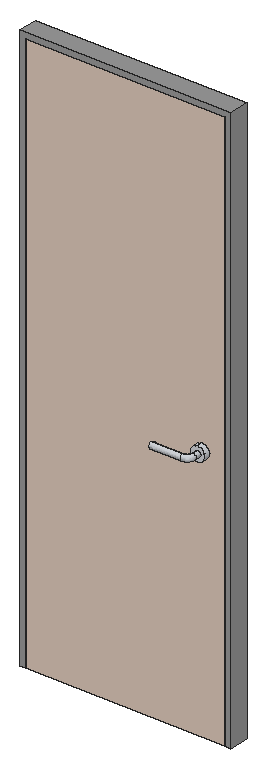
Revit family "- Solida Square", category Doors, host Wall, Revit 2018
Family settings
  Host = Wall
  OmniClass Number = 23.30.10.00
  OmniClass Title = Doors
  Always vertical = Yes
  Cut with Voids When Loaded = No
  Shared = No
  Room Calculation Point = No
Parameters (values of type "- 70 x 200 cm")
  Set de Marcos = ""
  Relleno = ""
  Material Marco = - Perfil Aluminio
  Material Hoja = - Solida
  Manilla = - Manilla
  Hojas = "Simple de Abatir"
  Function = Interior
  Frame Projection Ext. = 2.50 cm
  Frame Projection Int. = 2.50 cm
  Frame Width = 7.50 cm
  Height = 200.00 cm
  Wall Closure = By host
  Width = 74.00 cm
  Distancia a Cara Interior = 6.00 cm
  Bisagras = ""
  Ancho Hoja = Width - 4.00 cm  # 70.00 cm
  Ancho = Width  # 74.00 cm
  Analytic Construction = "<None>"
  Alto = Height  # 200.00 cm
Types (12, lengths in cm): name | Height | Width | Ancho Hoja | Ancho | Alto
  - 70 x 200 cm | 200.00 | 74.00 | 70.00 | 74.00 | 200.00
  - 75 x 200 cm | 200.00 | 79.00 | 75.00 | 79.00 | 200.00
  - 80 x 200 cm | 200.00 | 84.00 | 80.00 | 84.00 | 200.00
  - 85 x 200 cm | 200.00 | 89.00 | 85.00 | 89.00 | 200.00
  - 90 x 200 cm | 200.00 | 94.00 | 90.00 | 94.00 | 200.00
  -100 x 200 cm | 200.00 | 104.00 | 100.00 | 104.00 | 200.00
  - 70 x 210 cm | 210.00 | 74.00 | 70.00 | 74.00 | 210.00
  - 75 x 210 cm | 210.00 | 79.00 | 75.00 | 79.00 | 210.00
  - 80 x 210 cm | 210.00 | 84.00 | 80.00 | 84.00 | 210.00
  - 85 x 210 cm | 210.00 | 89.00 | 85.00 | 89.00 | 210.00
  - 90 x 210 cm | 210.00 | 94.00 | 90.00 | 94.00 | 210.00
  - 100 x 210 cm | 210.00 | 104.00 | 100.00 | 104.00 | 210.00
Reference planes (cm)
  plane 1: y = 0
  plane 2 "Center (Left/Right)": x = 0
  plane 3 "Left": x = -37
  plane 4 "Right": x = 37
  plane 5: z = 200
  plane 6 "Exterior": y = 7.5
  plane 7 "Interior": y = -7.5
  plane 8: y = -1.5
  plane 9: z = 198
  plane 10: x = -35
  plane 11: x = 35
Forms (cm)
  Sweep 1, solid, material "- Perfil Aluminio" <- "Material Marco"
    path origin (0, 7.5, 0) x (1, 0, 0) y (0, 0, 1)
      loop
        line (37, 0) -> (37, 200) -> (-37, 200) -> (-37, 0)
    profile origin (37, 7.5, 100) x (-1, 0, 0) y (0, -1, 0)
      loop
        line (0, 2) -> (3, 2) -> (3, 4.3) -> (2, 4.3) -> (2, 9) -> (0, 9) -> (0, 2)
  Extrusion 2, solid, material "- Solida" <- "Material Hoja"
    sketch origin (0, 0, 0) x (1, 0, 0) y (0, 1, 0)
      loop
        line (-35, -1.5) -> (35, -1.5) -> (35, 3) -> (-35, 3) -> (-35, -1.5)
    from 0 to 198
  Sweep 3, solid, material "- Manilla" <- "Manilla", not visible
    path origin (5.8483, -7.5601, 0) x (1, 0, 0) y (0, 1, 0)
      loop
        line (22.1517, 15.0613) -> (32.1517, 15.0613)
        arc (32.1517, 15.0613) -> (33.5659, 14.4756) -> (34.1517, 13.0613) r 2
        line (34.1517, 13.0613) -> (34.1517, 11.0613)
    profile origin (33, 7.5012, 0) x (0, 1, 0) y (0, 0, 1)
      loop
        circle (0, 90) r 1
  Extrusion 4, solid, material "- Manilla" <- "Manilla", not visible
    sketch origin (0, 7.5, 0) x (1, 0, 0) y (0, 0, 1)
      loop
        circle (40, 90) r 2.5
    from 3.9988 to 5
Lines and regions (cm)
  Opening 1
    outline origin (-305, -7.5, 0) x (1, 0, 0) y (0, 0, 1)
      loop
        line (268, 0) -> (342, 0) -> (342, 200) -> (268, 200) -> (268, 0)
  symbolic lines, style "Elevation Swing"
    curve 1: line (37, -7.5, 100) -> (-37, -7.5, 200)
    curve 2: line (37, -7.5, 100) -> (-37, -7.5, 0)
    curve 7: arc (-30.5, -71.5, 0) -> (16.4246, -49.6941, 0) -> (35.2596, -1.5001, 0) r 69.4706
  symbolic lines
    curve 3: line (-35, -1.5, 0) -> (-35, -71.5, 0)
    curve 4: line (-30.5, -1.5, 0) -> (-35, -1.5, 0)
    curve 5: line (-30.5, -71.5, 0) -> (-30.5, -1.5, 0)
    curve 6: line (-35, -71.5, 0) -> (-30.5, -71.5, 0)
  model lines, not visible
    curve 8: line (-20, 3, 25) -> (20, 3, 25)
    curve 9: line (-20, 3, 65) -> (-20, 3, 25)
    curve 10: line (20, 3, 65) -> (8.6603, 3, 65)
    curve 11: line (20, 3, 25) -> (20, 3, 65)
    curve 12: line (-20, 3, 75) -> (-8.6603, 3, 75)
    curve 13: line (-20, 3, 75) -> (-20, 3, 169.9666)
    curve 14: line (20, 3, 75) -> (20, 3, 169.9666)
    curve 15: arc (-8.6603, 3, 65) -> (0, 3, 60) -> (8.6603, 3, 65) r 10
    curve 16: line (8.6603, 3, 75) -> (20, 3, 75)
    curve 17: line (-8.6603, 3, 65) -> (-20, 3, 65)
    curve 18: arc (8.6603, 3, 75) -> (0, 3, 80) -> (-8.6603, 3, 75) r 10
    curve 19: arc (14.9666, 3, 175) -> (0, 3, 183) -> (-14.9666, 3, 175) r 18
    curve 20: arc (-20, 3, 169.9666) -> (-16.4409, 3, 171.4409) -> (-14.9666, 3, 175) r 5.0334
    curve 21: arc (14.9666, 3, 175) -> (16.4409, 3, 171.4409) -> (20, 3, 169.9666) r 5.0334
    curve 22: line (-9.2195, 3, 64) -> (-19, 3, 64)
    curve 23: line (-19, 3, 64) -> (-19, 3, 26)
    curve 24: arc (9.2195, 3, 64) -> (0, 3, 59) -> (-9.2195, 3, 64) r 11
    curve 25: line (19, 3, 64) -> (9.2195, 3, 64)
    curve 26: line (19, 3, 26) -> (19, 3, 64)
    curve 27: line (-19, 3, 26) -> (19, 3, 26)
    curve 28: line (-18.9928, 3, 168.9932) -> (-18.9928, 3, 76)
    curve 29: arc (-13.9941, 3, 174.9045) -> (-15.4113, 3, 171.0338) -> (-18.9928, 3, 168.9932) r 5.9946
    curve 30: arc (13.9971, 3, 174.7848) -> (0.0327, 3, 182.1538) -> (-13.9941, 3, 174.9045) r 17.0542
    curve 31: arc (19, 3, 169.1276) -> (15.4988, 3, 171.072) -> (13.9971, 3, 174.7848) r 6.0089
    curve 32: line (19, 3, 76) -> (19, 3, 169.1276)
    curve 33: line (9.2195, 3, 76) -> (19, 3, 76)
    curve 34: arc (-9.2195, 3, 76) -> (0, 3, 81) -> (9.2195, 3, 76) r 11
    curve 35: line (-18.9928, 3, 76) -> (-9.2195, 3, 76)
    curve 36: arc (12.052, 3, 174.0667) -> (0.0498, 3, 180.1537) -> (-12.0243, 3, 174.2107) r 15.0542
    curve 37: arc (-12.0243, 3, 174.2107) -> (-13.561, 3, 170.1508) -> (-16.9928, 3, 167.4925) r 7.9946
    curve 38: line (-16.9928, 3, 167.4925) -> (-16.9928, 3, 78)
    curve 39: line (17, 3, 78) -> (17, 3, 167.6269)
    curve 40: arc (17, 3, 167.6269) -> (13.6492, 3, 170.1731) -> (12.052, 3, 174.0667) r 8.0089
    curve 41: line (-16.9928, 3, 78) -> (-10.247, 3, 78)
    curve 42: arc (-10.247, 3, 78) -> (0, 3, 83) -> (10.247, 3, 78) r 13
    curve 43: line (10.247, 3, 78) -> (17, 3, 78)
    curve 44: line (-10.247, 3, 62) -> (-17, 3, 62)
    curve 45: arc (10.247, 3, 62) -> (0, 3, 57) -> (-10.247, 3, 62) r 13
    curve 46: line (17, 3, 62) -> (10.247, 3, 62)
    curve 47: line (17, 3, 28) -> (17, 3, 62)
    curve 48: line (-17, 3, 28) -> (17, 3, 28)
    curve 49: line (-17, 3, 62) -> (-17, 3, 28)
    curve 50: line (-314, -1.5, 25) -> (-274, -1.5, 25)
    curve 51: line (-314, -1.5, 65) -> (-314, -1.5, 25)
    curve 52: line (-274, -1.5, 25) -> (-274, -1.5, 65)
    curve 53: line (-314, -1.5, 70) -> (-274, -1.5, 70)
    curve 54: line (-314, -1.5, 70) -> (-314, -1.5, 87)
    curve 55: line (-274, -1.5, 70) -> (-274, -1.5, 87)
    curve 56: line (-274, -1.5, 65) -> (-314, -1.5, 65)
    curve 57: line (-275, -1.5, 64) -> (-313, -1.5, 64)
    curve 58: line (-313, -1.5, 64) -> (-313, -1.5, 26)
    curve 59: line (-275, -1.5, 26) -> (-275, -1.5, 64)
    curve 60: line (-313, -1.5, 26) -> (-275, -1.5, 26)
    curve 61: line (-312.9928, -1.5, 86) -> (-312.9928, -1.5, 71)
    curve 62: line (-275, -1.5, 71) -> (-275, -1.5, 86)
    curve 63: line (-312.9928, -1.5, 71) -> (-275, -1.5, 71)
    curve 64: line (-310.9928, -1.5, 84) -> (-310.9928, -1.5, 73)
    curve 65: line (-277, -1.5, 73) -> (-277, -1.5, 84)
    curve 66: line (-310.9928, -1.5, 73) -> (-277, -1.5, 73)
    curve 67: line (-277, -1.5, 62) -> (-311, -1.5, 62)
    curve 68: line (-277, -1.5, 28) -> (-277, -1.5, 62)
    curve 69: line (-311, -1.5, 28) -> (-277, -1.5, 28)
    curve 70: line (-311, -1.5, 62) -> (-311, -1.5, 28)
    curve 71: line (-310.9928, -1.5, 84) -> (-277, -1.5, 84)
    curve 72: line (-314, -1.5, 87) -> (-274, -1.5, 87)
    curve 73: line (-312.9928, -1.5, 86) -> (-275, -1.5, 86)
    curve 74: line (-310.9928, -1.5, 84) -> (-277, -1.5, 84)
    curve 75: line (-314, -1.5, 97) -> (-274, -1.5, 97)
    curve 76: line (-314, -1.5, 185) -> (-314, -1.5, 97)
    curve 77: line (-274, -1.5, 97) -> (-274, -1.5, 185)
    curve 78: line (-274, -1.5, 185) -> (-314, -1.5, 185)
    curve 79: line (-275, -1.5, 184) -> (-313, -1.5, 184)
    curve 80: line (-313, -1.5, 184) -> (-313, -1.5, 98)
    curve 81: line (-275, -1.5, 98) -> (-275, -1.5, 184)
    curve 82: line (-313, -1.5, 98) -> (-275, -1.5, 98)
    curve 83: line (-277, -1.5, 182) -> (-311, -1.5, 182)
    curve 84: line (-277, -1.5, 100) -> (-277, -1.5, 182)
    curve 85: line (-311, -1.5, 100) -> (-277, -1.5, 100)
    curve 86: line (-311, -1.5, 182) -> (-311, -1.5, 100)
    curve 87: line (-320, 3, 25) -> (-280, 3, 25)
    curve 88: line (-320, 3, 65) -> (-320, 3, 25)
    curve 89: line (-280, 3, 25) -> (-280, 3, 65)
    curve 90: line (-320, 3, 72.5) -> (-280, 3, 72.5)
    curve 91: line (-280, 3, 65) -> (-320, 3, 65)
    curve 92: line (-281, 3, 64) -> (-319, 3, 64)
    curve 93: line (-319, 3, 64) -> (-319, 3, 26)
    curve 94: line (-281, 3, 26) -> (-281, 3, 64)
    curve 95: line (-319, 3, 26) -> (-281, 3, 26)
    curve 96: line (-319, 3, 73.5) -> (-281, 3, 73.5)
    curve 97: line (-317, 3, 75.5) -> (-283, 3, 75.5)
    curve 98: line (-283, 3, 62) -> (-317, 3, 62)
    curve 99: line (-283, 3, 28) -> (-283, 3, 62)
    curve 100: line (-317, 3, 28) -> (-283, 3, 28)
    curve 101: line (-317, 3, 62) -> (-317, 3, 28)
    curve 102: line (-320, 3, 179.3431) -> (-320, 3, 72.5)
    curve 103: line (-280, 3, 72.5) -> (-280, 3, 179.3431)
    curve 104: line (-319, 3, 178.3431) -> (-319, 3, 73.5)
    curve 105: line (-281, 3, 73.5) -> (-281, 3, 178.3431)
    curve 106: line (-283, 3, 75.5) -> (-283, 3, 176.3431)
    curve 107: line (-317, 3, 176.3431) -> (-317, 3, 75.5)
    curve 108: arc (-292, 3, 181) -> (-300, 3, 185) -> (-308, 3, 181) r 10
    curve 109: arc (-292, 3, 181) -> (-290.1648, 3, 179.7737) -> (-288, 3, 179.3431) r 5.6569
    curve 110: arc (-308, 3, 181) -> (-309.8352, 3, 179.7737) -> (-312, 3, 179.3431) r 5.6569
    curve 111: line (-288, 3, 179.3431) -> (-280, 3, 179.3431)
    curve 112: line (-312, 3, 179.3431) -> (-320, 3, 179.3431)
    curve 113: line (-281, 3, 178.3431) -> (-288, 3, 178.3431)
    curve 114: arc (-288, 3, 178.3431) -> (-290.5825, 3, 178.8645) -> (-292.7604, 3, 180.3468) r 6.6569
    curve 115: arc (-292.7604, 3, 180.3468) -> (-300, 3, 184) -> (-307.2396, 3, 180.3468) r 9
    curve 116: arc (-307.2396, 3, 180.3468) -> (-309.4175, 3, 178.8645) -> (-312, 3, 178.3431) r 6.6569
    curve 117: line (-312, 3, 178.3431) -> (-319, 3, 178.3431)
    curve 118: line (-283, 3, 176.3431) -> (-288, 3, 176.3431)
    curve 119: arc (-288, 3, 176.3431) -> (-291.43, 3, 177.0516) -> (-294.2985, 3, 179.0611) r 8.6569
    curve 120: arc (-294.2985, 3, 179.0611) -> (-300, 3, 182) -> (-305.7015, 3, 179.0611) r 7
    curve 121: arc (-305.7015, 3, 179.0611) -> (-308.57, 3, 177.0516) -> (-312, 3, 176.3431) r 8.6569
    curve 122: line (-312, 3, 176.3431) -> (-317, 3, 176.3431)
    curve 130: line (300, -1.5, 25) -> (344, -1.5, 25)
    curve 131: line (300, -1.5, 65) -> (300, -1.5, 25)
    curve 132: line (344, -1.5, 25) -> (344, -1.5, 65)
    curve 133: line (300, -1.5, 77.5) -> (344, -1.5, 77.5)
    curve 134: line (344, -1.5, 65) -> (300, -1.5, 65)
    curve 135: line (300, -1.5, 185) -> (300, -1.5, 77.5)
    curve 136: line (344, -1.5, 77.5) -> (344, -1.5, 185)
    curve 144: line (304, 3, 25) -> (348, 3, 25)
    curve 145: line (304, 3, 65) -> (304, 3, 25)
    curve 146: line (348, 3, 25) -> (348, 3, 65)
    curve 147: line (304, 3, 77.5) -> (348, 3, 77.5)
    curve 148: line (348, 3, 65) -> (304, 3, 65)
    curve 149: line (304, 3, 185) -> (304, 3, 77.5)
    curve 150: line (348, 3, 77.5) -> (348, 3, 185)
    curve 152: line (348, 3, 185) -> (304, 3, 185)
    curve 154: line (300, -1.5, 185) -> (344, -1.5, 185)
  model lines
    curve 123: line (-22, -1.5, 25) -> (22, -1.5, 25)
    curve 124: line (-22, -1.5, 65) -> (-22, -1.5, 25)
    curve 125: line (22, -1.5, 25) -> (22, -1.5, 65)
    curve 126: line (-22, -1.5, 77.5) -> (22, -1.5, 77.5)
    curve 127: line (22, -1.5, 65) -> (-22, -1.5, 65)
    curve 128: line (-22, -1.5, 185) -> (-22, -1.5, 77.5)
    curve 129: line (22, -1.5, 77.5) -> (22, -1.5, 185)
    curve 137: line (-22, 3, 25) -> (22, 3, 25)
    curve 138: line (-22, 3, 65) -> (-22, 3, 25)
    curve 139: line (22, 3, 25) -> (22, 3, 65)
    curve 140: line (-22, 3, 77.5) -> (22, 3, 77.5)
    curve 141: line (22, 3, 65) -> (-22, 3, 65)
    curve 142: line (-22, 3, 185) -> (-22, 3, 77.5)
    curve 143: line (22, 3, 77.5) -> (22, 3, 185)
    curve 151: line (22, 3, 185) -> (-22, 3, 185)
    curve 153: line (-22, -1.5, 185) -> (22, -1.5, 185)
Text (cm)
  text "Exterior" at (-229.5016, 109.9543, 0), in view "Ref. Level"
  text "Exterior" at (0, 161.538, 369.8081), in view "Left"
  text "Exterior" at (0, 103.6032, 387.4932), in view "Right"
Dimensions and locks (cm)
  equal spacing: plane 3 "Left", plane 2 "Center (Left/Right)", plane 4 "Right"
  "Width": plane 3 "Left" to plane 4 "Right"
  "Height": plane 5 to host wall
  equal spacing: host wall, curve 2, plane 5
  host wall to plane 5 = 200.00 cm
  locked: plane 6 "Exterior" to host wall at 0
  locked: plane 7 "Interior" to host wall
  "Distancia a Cara Interior": plane 7 "Interior" to plane 8
  locked: Sweep 1 sketch curve to Sweep 1 sketch curve at 7
  locked: plane 9 to plane 5 at 2
  locked: curve 3 to curve 5 at 4.5
  locked: plane 3 "Left" to plane 10 at 2
  locked: plane 11 to plane 4 "Right" at 2
  "Ancho Hoja": curve 6 to curve 4
  locked: Extrusion 2 sketch curve to Extrusion 2 sketch curve at 4.5
  locked: nested 1 to plane 4 "Right" at 10
  level to nested 1 = 90.00 cm
  locked: nested 2 to plane 4 "Right" at 10
  locked: nested 2 to level at 90
  locked: Sweep 1 sketch curve to Sweep 1 sketch curve at 2.3
  curve 125 to plane 2 "Center (Left/Right)" = 22.00 cm
  locked: plane 2 "Center (Left/Right)" to curve 138 at 22
  locked: Extrusion 2 to curve 151 at 185
  locked: curve 153 to Extrusion 2 at 185
  aligned and locked: plane 3 "Left" to Opening 1 sketch curve
  aligned and locked: plane 5 to Opening 1 sketch curve  (x2)
  aligned and locked: Opening 1 sketch curve to plane 4 "Right"
  aligned and locked: Opening 1 sketch curve to level
  aligned and locked: plane 5 to curve 1
  aligned and locked: plane 3 "Left" to curve 2
  aligned and locked: plane 1 to host wall
  aligned and locked: plane 3 "Left" to curve 1
  aligned and locked: plane 8 to Sweep 1 sketch curve
  aligned and locked: Extrusion 2 sketch curve to plane 8
  aligned and locked: Sweep 1 to level
  aligned and locked: plane 10 to curve 3
  aligned and locked: Sweep 3 to Extrusion 4
  aligned and locked: Extrusion 2 to plane 9
Automatic sketch dimensions
  plane 4 "Right" to curve 2 = 0.00 cm
  curve 2 to level = 0.00 cm
  plane 3 "Left" to Sweep 1 sketch curve = 0.00 cm
  plane 4 "Right" to Sweep 1 sketch curve = 0.00 cm
  Sweep 1 sketch curve to level = 0.00 cm  (x2)
  Sweep 1 sketch curve to plane 5 = 0.00 cm
  Sweep 1 sketch curve to profile plane = 0.00 cm
  Sweep 1 sketch curve to profile plane = 2.00 cm
  Sweep 1 sketch curve to Sweep 1 sketch curve = 1.00 cm
  curve 7 to plane 8 = 0.0001 cm
  curve 7 to plane 11 = 0.2596 cm
  curve 4 to plane 8 = 0.00 cm
  curve 7 to plane 10 = 0.7919 cm
  Sweep 3 sketch curve to Sweep 3 sketch curve = 10.00 cm
  Sweep 3 sketch curve to Sweep 3 sketch curve = 2.00 cm  (x2)
  Sweep 3 sketch curve to profile plane = 0.00 cm
  profile plane to Sweep 3 sketch curve = 90.00 cm
  Extrusion 2 sketch curve to plane 10 = 0.00 cm
  Extrusion 2 sketch curve to plane 11 = 0.00 cm
  curve 15 to curve 18 = 0.00 cm  (x4)
  curve 15 to curve 24 = 0.00 cm  (x4)
  curve 15 to curve 34 = 0.00 cm  (x4)
  curve 15 to curve 42 = 0.00 cm  (x4)
  curve 15 to curve 45 = 0.00 cm  (x4)
  curve 29 to curve 37 = 0.00 cm  (x4)
  curve 30 to curve 36 = 0.00 cm  (x4)
  curve 31 to curve 40 = 0.00 cm  (x4)
  curve 8 to curve 31 = 0.00 cm
  curve 21 to curve 31 = 0.00 cm
  curve 14 to curve 32 = 1.00 cm
  curve 10 to curve 26 = 1.00 cm
  curve 26 to curve 47 = 2.00 cm
  curve 32 to curve 39 = 2.00 cm
  curve 46 to curve 46 = 6.753 cm
  curve 39 to curve 43 = 6.753 cm
  curve 42 to curve 33 = 1.0274 cm
  curve 45 to curve 25 = 1.0274 cm
  curve 33 to curve 16 = 0.5593 cm
  curve 24 to curve 10 = 0.5593 cm
  curve 16 to curve 24 = 8.6603 cm
  curve 39 to curve 19 = 17.00 cm
  curve 19 to curve 36 = 0.0402 cm
  curve 15 to curve 12 = 8.6603 cm
  curve 15 to curve 17 = 8.6603 cm
  curve 15 to curve 22 = 0.5593 cm
  curve 12 to curve 35 = 0.5593 cm
  curve 22 to curve 44 = 1.0274 cm
  curve 34 to curve 41 = 1.0274 cm
  curve 41 to curve 38 = 6.7459 cm
  curve 47 to curve 48 = 34.00 cm
  curve 38 to curve 35 = 2.00 cm
  curve 44 to curve 22 = 2.00 cm
  curve 28 to curve 29 = 0.9959 cm
  curve 29 to curve 20 = 0.0113 cm
  curve 22 to curve 17 = 1.00 cm
  curve 8 to curve 26 = 1.00 cm
  curve 23 to curve 49 = 2.00 cm
  curve 48 to curve 49 = 34.00 cm
  curve 45 to curve 25 = 2.00 cm
  curve 25 to curve 10 = 1.00 cm
  curve 10 to curve 45 = 5.00 cm
  curve 10 to curve 16 = 10.00 cm
  curve 12 to curve 35 = 1.00 cm
  curve 34 to curve 41 = 2.00 cm
  curve 41 to curve 19 = 87.00 cm
  curve 19 to curve 30 = 0.0997 cm
  curve 36 to curve 38 = 2.3928 cm
  curve 19 to curve 39 = 2.6269 cm
  curve 37 to curve 28 = 1.5007 cm
  curve 39 to curve 32 = 1.5007 cm
  curve 28 to curve 13 = 0.9734 cm
  curve 31 to curve 14 = 0.839 cm
  curve 13 to curve 29 = 4.9378 cm
  curve 29 to curve 20 = 0.0955 cm
  curve 21 to curve 40 = 0.0527 cm
  curve 31 to curve 36 = 1.9451 cm
  curve 55 to curve 62 = 1.4142 cm
  curve 59 to curve 68 = 2.8284 cm
  curve 62 to curve 65 = 2.8284 cm
  curve 53 to curve 63 = 1.4142 cm
  curve 57 to curve 67 = 2.8284 cm
  curve 66 to curve 64 = 33.9928 cm
  curve 68 to curve 69 = 34.00 cm
  curve 64 to curve 63 = 2.8284 cm
  curve 67 to curve 57 = 2.8284 cm
  curve 57 to curve 56 = 1.4142 cm
  curve 50 to curve 59 = 1.4142 cm
  curve 58 to curve 70 = 2.8284 cm
  curve 69 to curve 70 = 34.00 cm  (x2)
  curve 53 to curve 63 = 1.4193 cm
  curve 65 to curve 62 = 2.8284 cm
  curve 61 to curve 54 = 1.4193 cm
  curve 18 to curve 24 = 0.00 cm  (x2)
  curve 18 to curve 34 = 0.00 cm  (x2)
  curve 18 to curve 42 = 0.00 cm  (x2)
  curve 18 to curve 45 = 0.00 cm  (x2)
  curve 24 to curve 34 = 0.00 cm  (x2)
  curve 24 to curve 42 = 0.00 cm  (x2)
  curve 24 to curve 45 = 0.00 cm  (x2)
  curve 34 to curve 42 = 0.00 cm  (x2)
  curve 34 to curve 45 = 0.00 cm  (x2)
  curve 42 to curve 45 = 0.00 cm  (x2)
  curve 72 to curve 51 = 0.00 cm
  curve 75 to curve 54 = 0.00 cm
  curve 76 to curve 79 = 1.00 cm
  curve 51 to curve 57 = 1.00 cm
  curve 53 to curve 63 = 1.0072 cm
  curve 79 to curve 86 = 2.00 cm
  curve 58 to curve 70 = 2.00 cm
  curve 61 to curve 66 = 2.00 cm
  curve 64 to curve 65 = 33.9928 cm
  curve 69 to curve 69 = 34.00 cm
  curve 85 to curve 65 = 0.00 cm
  curve 68 to curve 60 = 2.00 cm
  curve 65 to curve 63 = 2.00 cm
  curve 84 to curve 82 = 2.00 cm
  curve 62 to curve 55 = 1.00 cm
  curve 57 to curve 56 = 1.00 cm  (x2)
  curve 79 to curve 78 = 1.00 cm  (x2)
  curve 50 to curve 59 = 1.00 cm
  curve 59 to curve 68 = 2.00 cm
  curve 67 to curve 57 = 2.00 cm
  curve 52 to curve 53 = 5.00 cm
  curve 53 to curve 63 = 1.00 cm
  curve 62 to curve 66 = 2.00 cm
  curve 65 to curve 71 = 11.00 cm
  curve 65 to curve 62 = 2.00 cm
  curve 62 to curve 72 = 1.00 cm
  curve 55 to curve 75 = 10.00 cm
  curve 75 to curve 82 = 1.00 cm
  curve 81 to curve 84 = 2.00 cm
  curve 84 to curve 84 = 82.00 cm
  curve 83 to curve 79 = 2.00 cm
  curve 87 to curve 90 = 0.00 cm
  curve 103 to curve 105 = 1.00 cm
  curve 89 to curve 92 = 1.00 cm
  curve 105 to curve 106 = 2.00 cm
  curve 92 to curve 99 = 2.00 cm
  curve 98 to curve 98 = 34.00 cm
  curve 106 to curve 107 = 34.00 cm
  curve 97 to curve 96 = 2.00 cm
  curve 98 to curve 92 = 2.00 cm
  curve 96 to curve 102 = 1.00 cm
  curve 92 to curve 91 = 1.00 cm
  curve 87 to curve 94 = 1.00 cm
  curve 94 to curve 99 = 2.00 cm
  curve 100 to curve 101 = 34.00 cm
  curve 98 to curve 93 = 2.00 cm
  curve 92 to curve 89 = 1.00 cm
  curve 89 to curve 103 = 7.50 cm
  curve 90 to curve 105 = 1.00 cm
  curve 96 to curve 106 = 2.00 cm
  curve 97 to curve 107 = 100.8431 cm
  curve 106 to curve 107 = 0.00 cm
  curve 106 to curve 105 = 2.00 cm
  curve 105 to curve 103 = 1.00 cm
  curve 123 to curve 126 = 52.50 cm
  curve 125 to curve 129 = 12.50 cm
  curve 130 to curve 133 = 52.50 cm
  curve 132 to curve 136 = 12.50 cm
  curve 108 to curve 115 = 0.00 cm  (x4)
  curve 108 to curve 120 = 0.00 cm  (x4)
  curve 109 to curve 114 = 0.00 cm  (x3)
  curve 109 to curve 119 = 0.00 cm  (x4)
  curve 110 to curve 116 = 0.00 cm  (x3)
  curve 110 to curve 121 = 0.00 cm  (x3)
  curve 114 to curve 119 = 0.00 cm  (x3)
  curve 116 to curve 121 = 0.00 cm  (x4)
  curve 106 to curve 111 = 5.00 cm
  curve 118 to curve 115 = 12.00 cm
  curve 110 to curve 104 = 7.00 cm
  curve 115 to curve 106 = 1.3431 cm
  curve 122 to curve 117 = 2.00 cm
  curve 117 to curve 112 = 1.00 cm
  curve 110 to curve 121 = 5.6569 cm
  curve 111 to curve 109 = 5.6569 cm
  curve 109 to curve 109 = 4.00 cm
  curve 108 to curve 115 = 0.7604 cm
  curve 115 to curve 119 = 1.5381 cm
  curve 115 to curve 120 = 0.00 cm  (x2)
  curve 137 to curve 140 = 52.50 cm
  curve 139 to curve 143 = 12.50 cm  (x3)
  curve 142 to curve 138 = 120.00 cm
  curve 144 to curve 147 = 52.50 cm
  curve 146 to curve 150 = 12.50 cm  (x3)
  curve 149 to curve 145 = 120.00 cm
  curve 137 to curve 140 = 0.00 cm
  curve 144 to curve 147 = 0.00 cm
  curve 153 to curve 124 = 0.00 cm
  curve 124 to curve 128 = 12.50 cm
  curve 154 to curve 131 = 0.00 cm
  curve 131 to curve 135 = 12.50 cm
  curve 129 to curve 125 = 0.00 cm
  curve 126 to curve 129 = 107.50 cm
  curve 124 to curve 125 = 44.00 cm
  curve 123 to curve 124 = 40.00 cm
  curve 136 to curve 132 = 0.00 cm
  curve 133 to curve 136 = 107.50 cm
  curve 131 to curve 132 = 44.00 cm
  curve 130 to curve 131 = 40.00 cm
  curve 143 to curve 142 = 44.00 cm
  curve 140 to curve 143 = 107.50 cm
  curve 141 to curve 140 = 0.00 cm
  curve 137 to curve 138 = 40.00 cm
  curve 150 to curve 149 = 44.00 cm
  curve 147 to curve 150 = 107.50 cm
  curve 148 to curve 147 = 0.00 cm
  curve 144 to curve 145 = 40.00 cm
  radius of Sweep 3 sketch curve = 1.00 cm
  radius of Extrusion 4 sketch curve = 2.50 cm
Nested families (cm)
  nested 1: "- Manilla Generica Puerta" at (27, 3, 90) x (0, 0, -1) z (0, 1, 0), type "- Manilla Generica Puerta"
  nested 2: "- Manilla Generica Puerta" at (27, -1.5, 90) x (0, 0, -1) z (0, -1, 0), type "- Manilla Generica Puerta"
Definition of nested family "- Manilla Generica Puerta"
  Parameters (values of type "- Manilla Generica Puerta")
    Manilla = none
    Default Elevation = 121.92 cm
  Reference planes (cm)
    plane 1 "Center (Front/Back)": y = 0
    plane 2: z = 0
    plane 3 "Center (Left/Right)": x = 0
    plane 4: z = 2
  Forms (cm)
    Extrusion 1, solid
      sketch origin (0, 0, 0) x (1, 0, 0) y (0, 1, 0)
        loop
          line (-121.92, 121.92) -> (-121.92, -121.92) -> (121.92, -121.92) -> (121.92, 121.92) -> (-121.92, 121.92)
      from 0 to -30.48
    Extrusion 2, solid, material <- "Manilla"
      sketch origin (0, 0, 0) x (1, 0, 0) y (0, 1, 0)
        loop
          circle (0, 0) r 2.5
      from 0 to 2
    Sweep 3, solid, material <- "Manilla"
      path origin (0, 0, 0) x (0, 1, 0) y (0, 0, 1)
        loop
          line (0, 2) -> (0, 4)
          arc (0, 4) -> (0.5858, 5.4142) -> (2, 6) r 2
          line (2, 6) -> (13, 6)
      profile origin (0, 0, 3) x (0, -1, 0) y (1, 0, 0)
        loop
          circle (0, 0) r 1
  Dimensions and locks (cm)
    locked: Extrusion 2 to Extrusion 2 at 2
    locked: plane 4 to level at 2
    aligned and locked: plane 2 to Extrusion 1
    aligned and locked: level to Extrusion 1
    aligned and locked: plane 4 to Sweep 3
